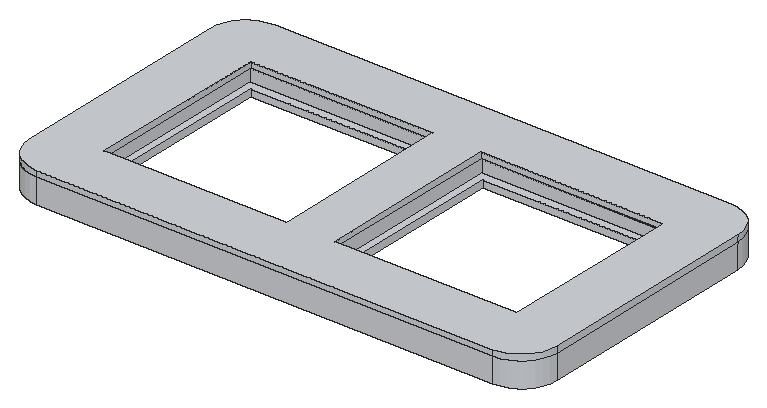
Revit family "Gira_0212422", category Electrical Fixtures, host Face, Revit 2017
Family settings
  Host = Face
  Maintain Annotation Orientation = No
  Round Connector Dimension = Use Diameter
  Part Type = Normal
  Cut with Voids When Loaded = No
  Shared = No
  Room Calculation Point = No
Parameters (values of type "Cov.fr. 2-g Gira E3 grey/anthra.")
  URL = "http://katalog.gira.de/en/datenblatt.html?artikelnr=0212422"
  Transparent = "No"
  Name = "Cov.fr. 2-g Gira E3 grey/anthra."
  Manufacturer URL = "https://www.gira.de/"
  Manufacturer = "Gira"
  Keynote = ""
  HeinzeBIM = "https://bimportal.heinze.de/bim/cov-fr-2-g-gira-e3-grey-anthra-/b51adf4eb983f850a4c000399478f4012e262ff9"
  HAN = "0212422"
  GTIN = "4010337023968"
  Description = "Cov.fr.2g E3 GyAn,Gira E3 cover frame,grey soft touch with anthracite intermediate frame,2-gang,Features:,- Shatter-proof.,,Notes :,- Soft-touch surface,- NCS value: approx. NCS S 3500-N"
  Default Elevation = 1219.2 mm
  Data sheet (1) = "https://katalog.gira.de/en/download.html?artikelnr=0212422"
  Category = "Cover frame for domestic switching devices"
  BIM (1) = "https://media.stage.bim.site/public/gira/36a6b08/E3_Rahmen_2fach.rfa"
  Available = "No"
Reference planes
  plane 1 "Center (Front/Back)": y = 0
  plane 2: z = 0
  plane 3 "Center (Left/Right)": x = 0
Forms (mm)
  Extrusion 1, solid, detail levels fine
    sketch origin (0, 0, 0) x (1, 0, 0) y (0, 1, 0)
      loop
        arc (-70.35, 45.809) -> (-78.134, 42.585) -> (-81.359, 34.8) r 11.009
        line (-81.359, 34.8) -> (-81.359, -34.8)
        arc (-81.359, -34.8) -> (-78.134, -42.585) -> (-70.35, -45.809) r 11.009
        line (-70.35, -45.809) -> (70.35, -45.809)
        arc (70.35, -45.809) -> (78.135, -42.585) -> (81.359, -34.8) r 11.009
        line (81.359, -34.8) -> (81.359, 34.8)
        arc (81.359, 34.8) -> (78.135, 42.585) -> (70.35, 45.809) r 11.009
        line (70.35, 45.809) -> (-70.35, 45.809)
      loop
        line (-7.45, 28.187) -> (-63.706, 28.187) -> (-63.706, -28.187) -> (-7.45, -28.187) -> (-7.45, 28.187)
      loop
        line (7.45, 28.187) -> (7.45, -28.187) -> (63.706, -28.187) -> (63.706, 28.187) -> (7.45, 28.187)
    from 7.65 to 9.5
  Extrusion 2, solid, detail levels fine
    sketch origin (-35.75, 0, 0) x (1, 0, 0) y (0, 1, 0)
      loop
        line (25.7, 25.7) -> (-25.7, 25.7) -> (-25.7, -25.7) -> (25.7, -25.7) -> (25.7, 25.7)
      loop
        line (-28.187, -28.156) -> (28.187, -28.156) -> (28.187, 28.156) -> (-28.187, 28.156) -> (-28.187, -28.156)
    from 1.65 to 3.9
  Extrusion 3, solid, detail levels fine
    sketch origin (0, 0, 0) x (1, 0, 0) y (0, 1, 0)
      loop
        arc (-70.35, 45.809) -> (-78.134, 42.585) -> (-81.359, 34.8) r 11.009
        line (-81.359, 34.8) -> (-81.359, -34.8)
        arc (-81.359, -34.8) -> (-78.134, -42.585) -> (-70.35, -45.809) r 11.009
        line (-70.35, -45.809) -> (70.35, -45.809)
        arc (70.35, -45.809) -> (78.135, -42.585) -> (81.359, -34.8) r 11.009
        line (81.359, -34.8) -> (81.359, 34.8)
        arc (81.359, 34.8) -> (78.135, 42.585) -> (70.35, 45.809) r 11.009
        line (70.35, 45.809) -> (-70.35, 45.809)
      loop
        line (-79.393, 34.785) -> (-79.393, -34.785)
        arc (-79.393, -34.785) -> (-76.739, -41.19) -> (-70.334, -43.843) r 9.058
        line (-70.334, -43.843) -> (70.335, -43.843)
        arc (70.335, -43.843) -> (76.74, -41.19) -> (79.393, -34.785) r 9.058
        line (79.393, -34.785) -> (79.393, 34.785)
        arc (79.393, 34.785) -> (76.74, 41.19) -> (70.335, 43.843) r 9.058
        line (70.335, 43.843) -> (-70.334, 43.843)
        arc (-70.334, 43.843) -> (-76.739, 41.19) -> (-79.393, 34.785) r 9.058
    from 0 to 7.65
  Extrusion 4, solid, detail levels fine
    sketch origin (0, 0, 0) x (1, 0, 0) y (0, 1, 0)
      loop
        line (-62.956, -31.075) -> (62.956, -31.075)
        arc (62.956, -31.075) -> (65.599, -29.98) -> (66.694, -27.337) r 3.739
        line (66.694, -27.337) -> (66.694, 27.337)
        arc (66.694, 27.337) -> (65.599, 29.98) -> (62.956, 31.075) r 3.739
        line (62.956, 31.075) -> (-62.956, 31.075)
        arc (-62.956, 31.075) -> (-65.599, 29.98) -> (-66.694, 27.337) r 3.739
        line (-66.694, 27.337) -> (-66.694, -27.337)
        arc (-66.694, -27.337) -> (-65.599, -29.98) -> (-62.956, -31.075) r 3.739
      loop
        line (-65.544, 27.537) -> (-65.544, -27.537)
        arc (-65.544, -27.537) -> (-64.845, -29.226) -> (-63.156, -29.925) r 2.389
        line (-63.156, -29.925) -> (63.156, -29.925)
        arc (63.156, -29.925) -> (64.845, -29.226) -> (65.544, -27.537) r 2.389
        line (65.544, -27.537) -> (65.544, 27.537)
        arc (65.544, 27.537) -> (64.845, 29.226) -> (63.156, 29.925) r 2.389
        line (63.156, 29.925) -> (-63.156, 29.925)
        arc (-63.156, 29.925) -> (-64.845, 29.226) -> (-65.544, 27.537) r 2.389
    from 1.65 to 7.65
  Extrusion 5, solid, detail levels fine
    sketch origin (0, 0, 0) x (1, 0, 0) y (0, 1, 0)
      loop
        line (-67.617, -39.8) -> (67.617, -39.8)
        arc (67.617, -39.8) -> (73.232, -36.708) -> (75.464, -30.7) r 9.2
        line (75.464, -30.7) -> (75.464, 30.7)
        arc (75.464, 30.7) -> (72.77, 37.205) -> (66.264, 39.9) r 9.2
        line (66.264, 39.9) -> (-66.264, 39.9)
        arc (-66.264, 39.9) -> (-72.77, 37.205) -> (-75.464, 30.7) r 9.2
        line (-75.464, 30.7) -> (-75.464, -30.7)
        arc (-75.464, -30.7) -> (-73.232, -36.708) -> (-67.617, -39.8) r 9.2
      loop
        line (-66.264, -31.7) -> (66.264, -31.7)
        arc (66.264, -31.7) -> (66.972, -31.407) -> (67.264, -30.7) r 1
        line (67.264, -30.7) -> (67.264, 30.7)
        arc (67.264, 30.7) -> (66.972, 31.407) -> (66.264, 31.7) r 1
        line (66.264, 31.7) -> (-66.264, 31.7)
        arc (-66.264, 31.7) -> (-66.972, 31.407) -> (-67.264, 30.7) r 1
        line (-67.264, 30.7) -> (-67.264, -30.7)
        arc (-67.264, -30.7) -> (-66.972, -31.407) -> (-66.264, -31.7) r 1
    from 1.65 to 3.9
  Extrusion 6, solid, detail levels fine
    sketch origin (-35.75, 0, 0) x (1, 0, 0) y (0, 1, 0)
      loop
        line (-28.187, 28.156) -> (-28.187, -28.156) -> (28.187, -28.156) -> (28.187, 28.156) -> (-28.187, 28.156)
      loop
        line (-29.925, 29.925) -> (-29.925, -29.925) -> (29.925, -29.925) -> (29.925, 29.925) -> (-29.925, 29.925)
    from 1.65 to 7.65
  Extrusion 7, solid, detail levels coarse+medium
    sketch origin (0, 0, 0) x (1, 0, 0) y (0, 1, 0)
      loop
        line (-81.359, 45.809) -> (-81.359, -45.809) -> (81.359, -45.809) -> (81.359, 45.809) -> (-81.359, 45.809)
    from 0 to 9.5
  Extrusion 8, solid, detail levels fine
    sketch origin (35.75, 0, 0) x (-1, 0, 0) y (0, -1, 0)
      loop
        line (25.7, -25.7) -> (25.7, 25.7) -> (-25.7, 25.7) -> (-25.7, -25.7) -> (25.7, -25.7)
      loop
        line (-28.187, 28.156) -> (-28.187, -28.156) -> (28.187, -28.156) -> (28.187, 28.156) -> (-28.187, 28.156)
    from 1.65 to 3.9
  Extrusion 9, solid, detail levels fine
    sketch origin (35.75, 0, 0) x (-1, 0, 0) y (0, -1, 0)
      loop
        line (-28.187, -28.156) -> (28.187, -28.156) -> (28.187, 28.156) -> (-28.187, 28.156) -> (-28.187, -28.156)
      loop
        line (-29.925, -29.925) -> (29.925, -29.925) -> (29.925, 29.925) -> (-29.925, 29.925) -> (-29.925, -29.925)
    from 1.65 to 7.65
Dimensions and locks
  aligned and locked: plane 2 to host face
  aligned and locked: level to host face
